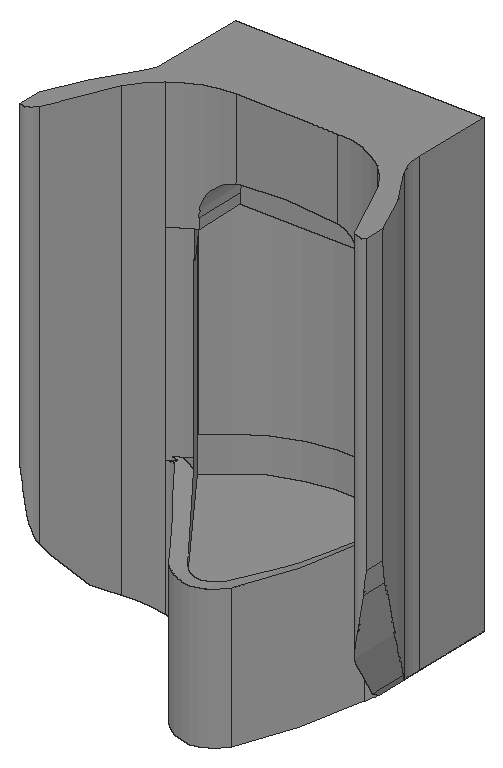
Revit family "IV2017002 Urinario MEISTER", category Modelos genéricos, Revit 2015
Reference planes (cm)
  plane 1 "Center (Front/Back)": y = 0
  plane 2: z = 0
  plane 3 "Center (Left/Right)": x = 0
Forms (cm)
  Extrusion 1, solid, material "MEISTER"
    sketch origin (0, 0, 0) x (1, 0, 0) y (0, 1, 0)
      loop
        line (-17.7064, 0) -> (-17.7064, -12.5883)
        arc (-17.7064, -12.5883) -> (-18.0664, -14.197) -> (-18.8455, -15.6497) r 6.0766
        arc (-18.8455, -15.6497) -> (-22.568, -21.7244) -> (-25.2945, -28.3067) r 45.4031
        arc (-25.2945, -28.3067) -> (-24.4075, -30.0475) -> (-22.6666, -29.1605) r 1.3816
        arc (-22.6666, -29.1605) -> (-20.7935, -24.2809) -> (-18.4206, -19.6238) r 49.935
        arc (-18.4206, -19.6238) -> (-16.9744, -17.5957) -> (-15.1683, -15.8803) r 13.0144
        arc (-15.1683, -15.8803) -> (-14.4251, -15.6515) -> (-13.6715, -15.8435) r 1.4368
        line (-13.6715, -15.8435) -> (-4.3882, -28.542)
        arc (-4.3882, -28.542) -> (0.0863, -30.4993) -> (4.5608, -28.542) r 6.0932
        line (4.5608, -28.542) -> (13.5975, -16.0895)
        arc (13.5975, -16.0895) -> (14.337, -15.6163) -> (15.201, -15.7718) r 1.2024
        arc (15.201, -15.7718) -> (17.0892, -17.5289) -> (18.5938, -19.6238) r 13.0144
        arc (18.5938, -19.6238) -> (20.9668, -24.2809) -> (22.8399, -29.1605) r 49.935
        arc (22.8399, -29.1605) -> (24.5807, -30.0475) -> (25.4677, -28.3067) r 1.3816
        arc (25.4677, -28.3067) -> (22.7413, -21.7244) -> (19.0187, -15.6497) r 45.4031
        arc (19.0187, -15.6497) -> (18.0816, -13.7108) -> (17.8797, -11.5668) r 6.0766
        line (17.8797, -11.5668) -> (17.8797, 0) -> (-17.7064, 0)
    from 0 to 90.4563
  Extrusion 2, void
    sketch origin (0, 0, 0) x (1, 0, 0) y (0, 0, 1)
      loop
        arc (-11.8403, 45.5412) -> (0.1625, 42.4501) -> (12.1507, 45.597) r 24.6262
        line (12.1507, 45.597) -> (12.1507, 73.2038)
        arc (12.1507, 73.2038) -> (10.7334, 77.0021) -> (7.1742, 78.9435) r 5.7983
        arc (7.1742, 78.9435) -> (0.1552, 79.4434) -> (-6.8638, 78.9435) r 49.5243
        arc (-6.8638, 78.9435) -> (-10.4229, 77.0021) -> (-11.8403, 73.2038) r 5.7983
        line (-11.8403, 73.2038) -> (-11.8403, 45.5412)
    from 6.4693 to 36.3619
  Extrusion 3, void
    sketch origin (0, 0, 0) x (1, 0, 0) y (0, 1, 0)
      loop
        arc (-12.2289, -14.1486) -> (-14.7967, -15.6001) -> (-16.9717, -17.5925) r 13.0144
        line (-16.9717, -17.5925) -> (-9.8515, -22.4104)
        arc (-9.8515, -22.4104) -> (0.0573, -32.3192) -> (9.9661, -22.4104) r 9.9088
        line (9.9661, -22.4104) -> (17.1, -17.5412)
        arc (17.1, -17.5412) -> (14.9433, -15.5808) -> (12.4043, -14.1496) r 13.0144
        line (12.4043, -14.1496) -> (15.7349, -9.5628)
        arc (15.7349, -9.5628) -> (0.0289, -1.9417) -> (-15.8911, -9.1051) r 20.6113
        line (-15.8911, -9.1051) -> (-12.2289, -14.1486)
    from 41.7701 to 71.7765
  Extrusion 4, void
    sketch origin (0, 0, 0) x (1, 0, 0) y (0, 1, 0)
      loop
        arc (-18.4206, -19.6238) -> (-22.6199, -29.0174) -> (-24.8047, -39.0724) r 49.935
        line (-24.8047, -39.0724) -> (24.9779, -39.0724)
        arc (24.9779, -39.0724) -> (22.7931, -29.0174) -> (18.5938, -19.6238) r 49.935
        arc (18.5938, -19.6238) -> (17.0892, -17.5289) -> (15.201, -15.7718) r 13.0144
        arc (15.201, -15.7718) -> (11.4798, -13.7983) -> (7.3231, -13.1166) r 13.0144
        line (7.3231, -13.1166) -> (-7.1498, -13.1166)
        arc (-7.1498, -13.1166) -> (-11.3905, -13.8269) -> (-15.1683, -15.8803) r 13.0144
        arc (-15.1683, -15.8803) -> (-16.9744, -17.5957) -> (-18.4206, -19.6238) r 13.0144
    from 53.8858 to 119.238
  Extrusion 5, void
    sketch origin (0, 0, 0) x (1, 0, 0) y (0, 1, 0)
      loop
        arc (-2.8194, -27.2432) -> (0.0866, -28.7244) -> (2.9926, -27.2432) r 3.5913
        line (2.9926, -27.2432) -> (15.7736, -9.6106)
        arc (15.7736, -9.6106) -> (0.0185, -1.9415) -> (-15.9447, -9.1676) r 20.6113
        line (-15.9447, -9.1676) -> (-2.8194, -27.2432)
    from 36.6366 to 67.847
  Extrusion 6, void
    sketch origin (0, 0, 0) x (1, 0, 0) y (0, 0, 1)
      loop
        line (-23.6308, 38.1153) -> (-24.6384, 44.5849) -> (-24.6384, 90.5849) -> (-37.9717, 90.5849) -> (-37.9717, -10.2333) -> (36.0283, -10.2333) -> (36.0283, 91.7667) -> (25.0156, 91.7667) -> (25.0156, 47.7667) -> (24.6975, 44.5499)
        arc (24.6975, 44.5499) -> (23.0628, 35.6625) -> (20.2193, 27.0851) r 65.4313
        arc (20.2193, 27.0851) -> (0, 17.0073) -> (-20.2193, 27.0851) r 25.322
        line (-20.2193, 27.0851) -> (-22.1458, 32.3351) -> (-23.6308, 38.1153)
    from -24.9373 to 60.156
  Extrusion 7, void
    sketch origin (0, 0, 0) x (1, 0, 0) y (0, 0, 1)
      loop
        arc (-14.7432, 42.3253) -> (0, 37.4437) -> (14.7432, 42.3253) r 24.7043
        line (14.7432, 42.3253) -> (-14.7432, 42.3253)
    from 14.1486 to 47.938
Cuts and joins
  Extrusion 2, Extrusion 3, Extrusion 4, Extrusion 5, Extrusion 6, Extrusion 7 cuts Extrusion 1
Dimensions and locks (cm)
  cut or joined group of Extrusion 1, Extrusion 2, Extrusion 3, Extrusion 4, Extrusion 5, Extrusion 6, Extrusion 7 to cut or joined group of Extrusion 1, Extrusion 2, Extrusion 3, Extrusion 4, Extrusion 5, Extrusion 6, Extrusion 7 = 35.5861 cm
  cut or joined group of Extrusion 1, Extrusion 2, Extrusion 3, Extrusion 4, Extrusion 5, Extrusion 6, Extrusion 7 to cut or joined group of Extrusion 1, Extrusion 2, Extrusion 3, Extrusion 4, Extrusion 5, Extrusion 6, Extrusion 7 = 49.654 cm
  aligned and locked: level to plane 2
